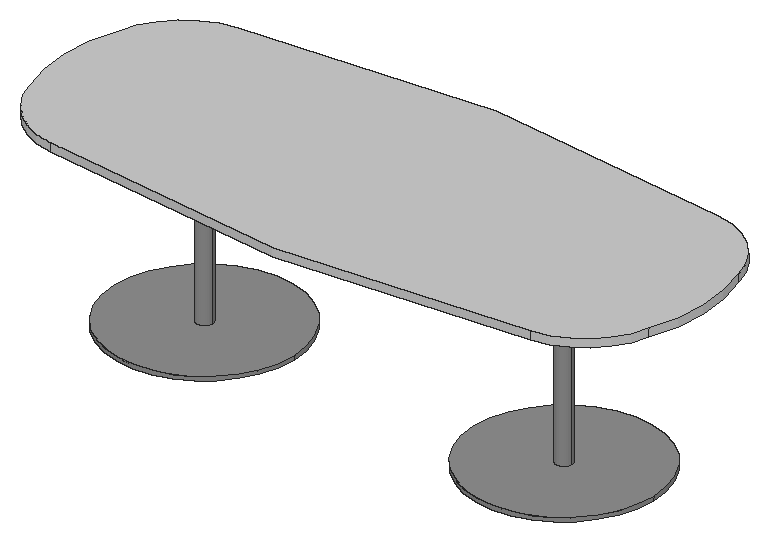
Revit family "Haworth_JiveTable_PebbleAsymmetricalDiscBase", category Furniture Systems, Revit 2018
Family settings
  Round Connector Dimension = Use Diameter
  Part Type = Normal
  OmniClass Number = 23.40.70.14.64.21
  OmniClass Title = Systems Furniture
  Work Plane-Based = No
  Always vertical = Yes
  Cut with Voids When Loaded = No
  Shared = No
  Room Calculation Point = No
Parameters (values of type "42d 96w 29h")
  Width = 96"
  Warranty = "http://www.haworth.com/resources/product-info/warranties"
  URL - Product = "http://www.haworth.com/products/tables/training/jive"
  Two Disk = or(and(Actual Width > 60", Actual Width < 96"), Actual Width = 60", Actual Width = 96")  # yes
  Table Finish [instance] = Haworth _ Laminate _ Putty H-AA
  Table Edge Finish [instance] = Haworth _ Laminate _ Putty H-AA
  Standard Height = "29 in."  # constant formula
  One Disk = or(and(Actual Width < 48", Actual Width > 24"), Actual Width = 24", Actual Width = 48")  # no
  Model = "Haworth Jive"  # constant formula
  Min. Height = 29"  # constant formula
  Max. Height = 29"  # constant formula
  Leg Finish [instance] = Haworth _ Paint _ Graphite
  Height = 29"
  Disc Distance = if(Actual Depth < 25", 8 1/2", if(Actual Depth < 32", 11", 13 1/2"))  # 13 1/2"
  Description = "Haworth Jive Table Pebble Asymmetrical Disc Base - 42d 96w 29h"
  URL = "http://www.haworth.com/"
  Table Thickness = 1 3/16"  # constant formula
  Size = "Verify Final Dim. w/ Haworth"  # constant formula
  Revision Number = "1"  # constant formula
  Standard Widths = "60, 72, 84, 96 in."  # constant formula
  Standard Depths = "30, 36, 42 in."  # constant formula
  Min. Width = 60"  # constant formula
  Max. Width = 96"  # constant formula
  Min. Depth = 30"  # constant formula
  Max. Depth = 42"  # constant formula
  Manufacturer = "Haworth, Inc."  # constant formula
  Leg Height = Actual Height - Table Thickness  # 27 13/16"
  Depth = 42"
  Custom Size = not(and(or(Depth = 30", Depth = 36", Depth = 42"), or(Height = 29"), or(Width = 60", Width = 72", Width = 84", Width = 96")))  # no
  Base Distance = if(One Disk, 0", Actual Width - Actual Depth)  # 54"
  Author = "Haworth (Alias), SHAPE Environments, LLC"  # constant formula
  Assembly Code = "E2020200"
  Actual Width = if(Width < Min. Width, Min. Width, if(Width > Max. Width, Max. Width, Width))  # 96"
  Actual Height = if(Height > Max. Height, Max. Height, if(Height < Min. Height, Min. Height, Height))  # 29"
  Actual Depth = if(Depth > Max. Depth, Max. Depth, if(Depth < Min. Depth, Min. Depth, Depth))  # 42"
Types (6): name | Width | Disc Distance | Description | Depth | Base Distance | Actual Width | Actual Depth
  30d 60w 29h | 60" | 11" | "Haworth Jive Table Pebble Asymmetrical Disc Base - 30d 60w 29h" | 30" | 30" | 60" | 30"
  30d 72w 29h | 72" | 11" | "Haworth Jive Table Pebble Asymmetrical Disc Base - 30d 72w 29h" | 30" | 42" | 72" | 30"
  36d 72w 29h | 72" | 13 1/2" | "Haworth Jive Table Pebble Asymmetrical Disc Base - 36d 72w 29h" | 36" | 36" | 72" | 36"
  36d 84w 29h | 84" | 13 1/2" | "Haworth Jive Table Pebble Asymmetrical Disc Base - 36d 84w 29h" | 36" | 48" | 84" | 36"
  42d 84w 29h | 84" | 13 1/2" | "Haworth Jive Table Pebble Asymmetrical Disc Base - 42d 84w 29h" | 42" | 42" | 84" | 42"
  42d 96w 29h | 96" | 13 1/2" | "Haworth Jive Table Pebble Asymmetrical Disc Base - 42d 96w 29h" | 42" | 54" | 96" | 42"
Reference planes (in)
  plane 1 "Center L/R": y = 0
  plane 2: z = 0
  plane 3 "Center F/B": x = 0
  plane 4 "Top": z = 29
  plane 5 "Top Bottom": z = 27.8125
  plane 6 "Table Edge Left": x = -48
  plane 7 "Table Edge Right": x = 48
  plane 8 "Table Edge Front": y = 21
  plane 9 "Table Edge Back": y = -21
Dimensions and locks (in)
  "Actual Height": plane 4 "Top" to level
  "Table Thickness": plane 4 "Top" to plane 5 "Top Bottom"
  "Actual Width": plane 6 "Table Edge Left" to plane 7 "Table Edge Right"
  equal spacing: plane 6 "Table Edge Left", plane 3 "Center F/B", plane 7 "Table Edge Right"
  "Actual Depth": plane 8 "Table Edge Front" to plane 9 "Table Edge Back"
  equal spacing: plane 8 "Table Edge Front", plane 1 "Center L/R", plane 9 "Table Edge Back"
  aligned and locked: plane 3 "Center F/B" to nested 1
  aligned and locked: plane 1 "Center L/R" to nested 1
  aligned and locked: plane 8 "Table Edge Front" to nested 2
  aligned and locked: nested 2 to plane 9 "Table Edge Back"
  aligned and locked: nested 2 to plane 6 "Table Edge Left"
  aligned and locked: nested 2 to plane 7 "Table Edge Right"
  aligned and locked: nested 2 to plane 5 "Top Bottom"
  aligned and locked: plane 2 to nested 1
Nested families (in)
  nested 1: "JiveDiscBase" at (-6.31284, -5.5, 0), type "Base"
  nested 2: "Haworth_Worksurface-Pebble" at (0, -15, 0), type "Worksurface"
    with Width Arch 192", Actual Width 96", Actual Depth 42"
Definition of nested family "JiveDiscBase"
  Parameters (values of type "Base")
    Warranty = ""
    URL - Product = ""
    URL = "www.haworth.com"
    Two Disc = yes
    Table Width = 82"
    One Disk = no
    OmniClass Number = ""
    Material Options = ""
    Leg Height = 27 13/16"
    Disc Radius = 13 1/2"
    Base Finish = none
    Size = "Verify Final Dim. w/ Haworth"  # constant formula
    Revision Number = "1"
    Manufacturer = "Haworth"  # constant formula
    Base Distance = 54"
    Author = "SHAPE Environments, LLC"  # constant formula
    Assembly Code = ""
  Reference planes (in)
    plane 1 "Center F/B": y = 5.5
    plane 2: z = 0
    plane 3 "Center L/R": x = 6.31284
    plane 4 "Leg Top": z = 27.8125
    plane 5: z = 27.6775
    plane 6 "table top": z = 29.3125
    plane 7: x = 33.31284
    plane 8: x = -20.68716
  Forms (in)
    Extrusion 1, solid, material <- "Base Finish"
      sketch origin (41, 0, 0) x (1, 0, 0) y (0, 1, 0)
        loop
          circle (-7.68716, 5.5) r 13.5
      from 0 to 0.565
    Extrusion 2, solid, material <- "Base Finish"
      sketch origin (41, 0, 0) x (1, 0, 0) y (0, 1, 0)
        loop
          circle (-7.68716, 5.5) r 1.181
      from 0.565 to 27.6775
    Extrusion 3, solid, material <- "Base Finish", detail levels fine
      sketch origin (33.5, -0.00018, 0) x (1, 0, 0) y (0, 1, 0)
        loop
          line (-8.67236, 5.50018) -> (-0.18716, -2.985) -> (8.29805, 5.50018) -> (-0.18716, 13.98537) -> (-8.67236, 5.50018)
      from 27.6775 to 27.8125
    Extrusion 4, solid, material <- "Base Finish", visible <- "Two Disc"
      sketch origin (-25, 0, 0) x (1, 0, 0) y (0, 1, 0)
        loop
          circle (4.31284, 5.5) r 13.5
      from 0 to 0.565
    Extrusion 5, solid, material <- "Base Finish", visible <- "Two Disc"
      sketch origin (-25, 0, 0) x (1, 0, 0) y (0, 1, 0)
        loop
          circle (4.31284, 5.5) r 1.181
      from 0.565 to 27.6775
    Extrusion 6, solid, material <- "Base Finish", visible <- "Two Disc", detail levels fine
      sketch origin (-37.5, -0.00018, 0) x (1, 0, 0) y (0, 1, 0)
        loop
          line (8.32764, 5.50018) -> (16.81284, -2.985) -> (25.29805, 5.50018) -> (16.81284, 13.98537) -> (8.32764, 5.50018)
      from 27.6775 to 27.8125
  Lines and regions (in)
    symbolic lines, detail levels medium+fine
      curve 1: circle (33.31284, 5.5, 29.3125) r 13.5 normal (0, 0, 1)
    symbolic lines, visible <- "Two Disc", detail levels medium+fine
      curve 2: circle (-20.68716, 5.5, 29.3125) r 13.5 normal (0, 0, 1)
  Dimensions and locks (in)
    "Leg Height": plane 4 "Leg Top" to level
    locked: plane 4 "Leg Top" to plane 5 at 0.135
    locked: plane 6 "table top" to plane 4 "Leg Top" at 1.5
    equal spacing: plane 8, plane 3 "Center L/R", plane 7
    "Base Distance": plane 8 to plane 7
    "Disc Radius": radius of Extrusion 4 sketch curve
    "Disc Radius": radius of Extrusion 1 sketch curve
    aligned and locked: plane 7 to Extrusion 1 sketch curve
    aligned and locked: plane 7 to Extrusion 3
    aligned and locked: plane 1 "Center F/B" to Extrusion 3
    aligned and locked: plane 7 to Extrusion 2 sketch curve
    aligned and locked: curve 1 to Extrusion 1
    aligned and locked: plane 1 "Center F/B" to Extrusion 2 sketch curve
    aligned and locked: curve 2 to Extrusion 4
    aligned and locked: plane 1 "Center F/B" to Extrusion 4 sketch curve
    aligned and locked: plane 8 to Extrusion 4 sketch curve
    aligned and locked: plane 8 to Extrusion 5 sketch curve
    aligned and locked: plane 1 "Center F/B" to Extrusion 5 sketch curve
    aligned and locked: plane 8 to Extrusion 6
    aligned and locked: plane 1 "Center F/B" to Extrusion 6
    aligned and locked: plane 4 "Leg Top" to Extrusion 6
    aligned and locked: Extrusion 6 to plane 5
    aligned and locked: plane 5 to Extrusion 5
    aligned and locked: plane 4 "Leg Top" to Extrusion 3
    aligned and locked: Extrusion 3 to plane 5
    aligned and locked: plane 5 to Extrusion 2
  Automatic sketch dimensions
    plane 1 "Center F/B" to Extrusion 3 sketch curve = 0"  (x2)
    Extrusion 3 sketch curve to plane 7 = 0"  (x2)
    Extrusion 3 sketch curve to plane 7 = 8.4852"
    plane 7 to Extrusion 3 sketch curve = 8.48521"
    plane 1 "Center F/B" to Extrusion 3 sketch curve = 8.48519"
    Extrusion 3 sketch curve to plane 1 "Center F/B" = 8.48519"
    plane 1 "Center F/B" to Extrusion 6 sketch curve = 0"  (x2)
    Extrusion 6 sketch curve to plane 8 = 8.4852"
    plane 8 to Extrusion 6 sketch curve = 0"  (x2)
    Extrusion 6 sketch curve to Extrusion 6 sketch curve = 8.48521"
    plane 1 "Center F/B" to Extrusion 6 sketch curve = 8.48519"
    Extrusion 6 sketch curve to plane 1 "Center F/B" = 8.48519"
    plane 1 "Center F/B" to Extrusion 1 sketch curve = 0"
    radius of Extrusion 2 sketch curve = 1.181"
    radius of Extrusion 5 sketch curve = 1.181"
Definition of nested family "Haworth_Worksurface-Pebble"
  Parameters (values of type "Worksurface")
    Width Arch = Actual Width * 2  # 164"
    Warranty = ""
    URL - Product = ""
    URL = "www.haworth.com"
    Table Thickness = 1 3/16"
    Table Finish = none
    Table Edge Finish = none
    Sustainability Info = ""
    Revision Number = ""
    OmniClass Number = ""
    Material Options = ""
    Manufacturer = "Haworth"  # constant formula
    LEED Data = ""
    Cutout Width = 11"
    Cutout Dimension = if(Cutout, 3", 1")  # 1"
    Cutout Depth = 4"
    Cutout = no
    Corner Radius = 12"
    Author = "SHAPE Environments, LLC"  # constant formula
    Assembly Code = ""
    Actual Width = 82"
    Actual Height = 29"
    Actual Depth = 41"
  Reference planes (in)
    plane 1 "Center F/B": y = 15
    plane 2: z = 0
    plane 3 "Center L/R": x = 0
    plane 4 "Table Front": y = 35.5
    plane 5 "Table Right": x = 41
    plane 6 "Table Left": x = -41
    plane 7 "Table Back": y = -5.5
    plane 8 "Table Top": z = 29
    plane 9 "Table Bottom": z = 27.8125
    plane 10 "Cutout Top": z = 30
    plane 11 "Cutout Bottom": z = 29
  Forms (in)
    Extrusion 1, solid, material <- "Table Finish"
      sketch origin (0, 0, 0) x (1, 0, 0) y (0, 1, 0)
        loop
          arc (-29.67566, 32.79276) -> (-36.15315, 29.53842) -> (-39.57467, 23.14767) r 12
          arc (-39.57467, 23.14767) -> (-41, 15) -> (-39.57467, 6.85233) r 24
          arc (-39.57467, 6.85233) -> (-36.15315, 0.46158) -> (-29.67566, -2.79276) r 12
          arc (-29.67566, -2.79276) -> (0, -5.5) -> (29.67566, -2.79276) r 164
          arc (29.67566, -2.79276) -> (36.15315, 0.46158) -> (39.57467, 6.85233) r 12
          arc (39.57467, 6.85233) -> (41, 15) -> (39.57467, 23.14767) r 24
          arc (39.57467, 23.14767) -> (36.15315, 29.53842) -> (29.67566, 32.79276) r 12
          arc (29.67566, 32.79276) -> (0, 35.5) -> (-29.67566, 32.79276) r 164
      from 27.8125 to 29
    Extrusion 2, void
      sketch origin (0, 0, 29) x (-1, 0, 0) y (0, -1, 0)
        loop
          line (5.5, -17) -> (5.5, -13) -> (-5.5, -13) -> (-5.5, -17) -> (5.5, -17)
      from 0 to 1
  Cuts and joins
    Extrusion 2 cuts Extrusion 1
  Lines and regions (in)
    Masking region 1
      outline origin (0, 0, 0) x (1, 0, 0) y (0, 1, 0)
        loop
          arc (30.26661, 32.68292) -> (0, 35.5) -> (-30.26661, 32.68292) r 164
          arc (-30.26661, 32.68292) -> (-36.36578, 29.32599) -> (-39.57467, 23.14767) r 12
          arc (-39.57467, 23.14767) -> (-41, 15) -> (-39.57467, 6.85233) r 24
          arc (-39.57467, 6.85233) -> (-36.36578, 0.67401) -> (-30.26661, -2.68292) r 12
          arc (-30.26661, -2.68292) -> (0, -5.5) -> (30.26661, -2.68292) r 164
          arc (30.26661, -2.68292) -> (36.36578, 0.67401) -> (39.57467, 6.85233) r 12
          arc (39.57467, 6.85233) -> (41, 15) -> (39.57467, 23.14767) r 24
          arc (39.57467, 23.14767) -> (36.36578, 29.32599) -> (30.26661, 32.68292) r 12
    symbolic lines, visible <- "Cutout"
      curve 1: line (5.5, 13, 0) -> (-5.5, 13, 0)
      curve 2: line (-5.5, 13, 0) -> (-5.5, 17, 0)
      curve 3: line (-5.5, 17, 0) -> (5.5, 17, 0)
      curve 4: line (5.5, 17, 0) -> (5.5, 13, 0)
  Dimensions and locks (in)
    "Actual Depth": plane 7 "Table Back" to plane 4 "Table Front"
    "Actual Width": plane 6 "Table Left" to plane 5 "Table Right"
    equal spacing: plane 6 "Table Left", plane 3 "Center L/R", plane 5 "Table Right"
    equal spacing: plane 4 "Table Front", plane 1 "Center F/B", plane 7 "Table Back"
    "Table Thickness": plane 8 "Table Top" to plane 9 "Table Bottom"
    "Actual Height": plane 8 "Table Top" to level
    locked: plane 6 "Table Left" to Extrusion 1 sketch curve at 24
    "Width Arch": plane 7 "Table Back" to Extrusion 1 sketch curve
    locked: Extrusion 1 sketch curve to plane 5 "Table Right" at 24
    "Width Arch": plane 4 "Table Front" to Extrusion 1 sketch curve
    equal spacing: Extrusion 2 sketch curve, plane 1 "Center F/B", Extrusion 2 sketch curve
    equal spacing: Extrusion 2 sketch curve, plane 3 "Center L/R", Extrusion 2 sketch curve
    "Cutout Width": Extrusion 2 sketch curve to Extrusion 2 sketch curve
    "Cutout Depth": Extrusion 2 sketch curve to Extrusion 2 sketch curve
    "Cutout Dimension": plane 10 "Cutout Top" to plane 11 "Cutout Bottom"
    plane 10 "Cutout Top" to plane 8 "Table Top" = 1"
    "Width Arch": radius of Extrusion 1 sketch curve  (x2)
    radius of Extrusion 1 sketch curve = 24"  (x2)
    "Corner Radius": radius of Extrusion 1 sketch curve  (x4)
    aligned and locked: plane 8 "Table Top" to Extrusion 1
    aligned and locked: Extrusion 1 to plane 9 "Table Bottom"
    aligned and locked: plane 10 "Cutout Top" to Extrusion 2
    aligned and locked: Extrusion 2 to plane 11 "Cutout Bottom"
    aligned and locked: curve 4 to Extrusion 2
    aligned and locked: curve 2 to Extrusion 2
    aligned and locked: curve 3 to Extrusion 2
    aligned and locked: curve 1 to Extrusion 2
    aligned and locked: Masking region 1 sketch curve to cut or joined group of Extrusion 1, Extrusion 2  (x8)
  Automatic sketch dimensions
    Extrusion 1 sketch curve to plane 3 "Center L/R" = 0"  (x2)
    plane 1 "Center F/B" to Extrusion 1 sketch curve = 0"  (x2)
    Extrusion 1 sketch curve to Extrusion 1 sketch curve = 0"  (x8)
